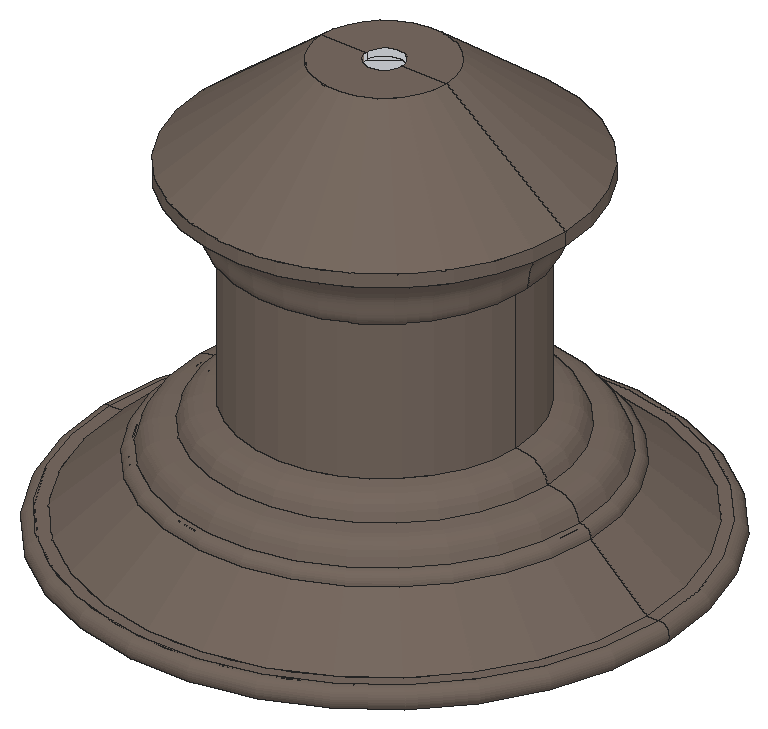
Revit family "MCA8 SHADE", category Lighting Fixtures, Revit 2024
Family settings
  Round Connector Dimension = Use Diameter
  Part Type = Normal
  OmniClass Number = 23.80.70.00
  OmniClass Title = Lighting
  Work Plane-Based = No
  Always vertical = Yes
  Cut with Voids When Loaded = No
  Light Source = Yes
  Maintain Annotation Orientation = No
  Shared = No
  Room Calculation Point = No
Parameters
  Wattage = 12.1178 W
  built-in parameter 1150110 = 1 (stored number, unit not read)
  built-in parameter 1114217 = 1 (stored number, unit not read)
  built-in parameter 1150109 = 1 (stored number, unit not read)
  built-in parameter 1150134 = (empty or 0)
  built-in parameter 1150113 = 1 (stored number, unit not read)
  Lumens = 1800 lm
  built-in parameter 1150115 = 1 (stored number, unit not read)
  built-in parameter 1150105 = 572.96 (stored number, unit not read)
  Light Source Symbol Size = 2' - 0"
  built-in parameter 1150137 = (empty or 0)
  built-in parameter 1150139 = (empty or 0)
  built-in parameter 1150112 = 1 (stored number, unit not read)
  built-in parameter 1150114 = 1 (stored number, unit not read)
  built-in parameter 1150132 = 2
  built-in parameter 1150102 = (empty or 0)
  built-in parameter 1150138 = (empty or 0)
  built-in parameter 1150107 = 3000 (stored number, unit not read)
  built-in parameter 1150106 = 5.7296 (stored number, unit not read)
  built-in parameter 1150104 = 13.8 (stored number, unit not read)
  Dimming Lamp Color Temperature Shift = (empty or 0)
  Default Elevation = 0' - 0"
  Color Filter = 16777215
  built-in parameter 1114218 = 1 (stored number, unit not read)
  built-in parameter 1150133 = 10 (stored number, unit not read)
Reference planes (in)
  plane 1 "Light Source Axis (F/B)": y = 0
  plane 2: z = 0
  plane 3 "Light Source Axis (L/R)": x = 0
  plane 4 "Light Source Elevation": z = 84
Forms (in)
  Revolve 1, solid
    sketch origin (0, 0, 0) x (1, 0, 0) y (0, 0, 1)
      loop
        line (-0.25, 90) -> (-0.87711, 90) -> (-2.55161, 88.7242) -> (-2.55161, 88.55042)
        spline (-2.55161, 88.55042) -> (-2.37344, 88.44351) -> (-2.28718, 88.38662) -> (-2.23353, 88.34177) -> (-2.18766, 88.29451) -> (-2.14489, 88.24372) -> (-2.10576, 88.18928) -> (-2.07534, 88.13584) -> (-2.05596, 88.08311) -> (-2.0427, 88.01813) -> (-2.03209, 87.93809) -> (-2.00561, 87.83318) -> (-1.84993, 87.73545)
        line (-1.84993, 87.73545) -> (-1.84993, 85.75884)
        spline (-1.84993, 85.75884) -> (-1.92927, 85.74637) -> (-1.99405, 85.73333) -> (-2.04654, 85.7195) -> (-2.089, 85.70463) -> (-2.12369, 85.68848) -> (-2.15288, 85.67082) -> (-2.17875, 85.65125) -> (-2.20258, 85.62799) -> (-2.22519, 85.59846) -> (-2.24739, 85.56011) -> (-2.26998, 85.51034) -> (-2.29376, 85.44658)
        spline (-2.29376, 85.44658) -> (-2.33366, 85.44435) -> (-2.38687, 85.43822) -> (-2.44454, 85.42901) -> (-2.4979, 85.41757) -> (-2.54205, 85.40423) -> (-2.57839, 85.38857) -> (-2.60892, 85.37011) -> (-2.63563, 85.34833) -> (-2.66057, 85.32165) -> (-2.68622, 85.28308) -> (-2.71513, 85.22394) -> (-2.7499, 85.13554)
        arc (-2.7499, 85.13554) -> (-2.85577, 85.09169) -> (-2.89962, 84.98582) r 0.14972
        line (-2.89962, 84.98582) -> (-3.69406, 84.28648) -> (-3.85676, 84.28648)
        arc (-3.85676, 84.28648) -> (-3.95762, 84.04153) -> (-3.71352, 84.14445) r 0.14324
        line (-3.71352, 84.14445) -> (-2.79206, 84.94901)
        arc (-2.79206, 84.94901) -> (-2.77725, 85.03466) -> (-2.69648, 85.00253) r 0.05597
        spline (-2.69648, 85.00253) -> (-2.65361, 85.12562) -> (-2.62104, 85.20464) -> (-2.59754, 85.24873) -> (-2.58089, 85.27064) -> (-2.56316, 85.28719) -> (-2.5442, 85.30043) -> (-2.52011, 85.31225) -> (-2.48598, 85.32373) -> (-2.43843, 85.33475) -> (-2.38162, 85.34427) -> (-2.32832, 85.3507) -> (-2.29376, 85.35283)
        line (-2.29376, 85.35283) -> (-2.20512, 85.41606)
        spline (-2.20512, 85.41606) -> (-2.1832, 85.47481) -> (-2.16387, 85.51751) -> (-2.14711, 85.54658) -> (-2.13252, 85.56569) -> (-2.11805, 85.5798) -> (-2.10015, 85.5933) -> (-2.07951, 85.60579) -> (-2.05381, 85.61773) -> (-2.01923, 85.6298) -> (-1.97304, 85.64197) -> (-1.91291, 85.65405) -> (-1.83689, 85.66601)
        line (-1.83689, 85.66601) -> (-1.75618, 85.67631) -> (-1.75618, 87.73545) -> (-1.84993, 87.8292)
        spline (-1.84993, 87.8292) -> (-1.92132, 87.87501) -> (-1.93736, 87.95061) -> (-1.94573, 88.02951) -> (-1.95858, 88.10177) -> (-1.98043, 88.16637) -> (-2.01366, 88.2288) -> (-2.05381, 88.28787) -> (-2.09716, 88.34221) -> (-2.14446, 88.39355) -> (-2.20221, 88.4445) -> (-2.28919, 88.50535) -> (-2.45786, 88.61272)
        line (-2.45786, 88.61272) -> (-2.45786, 88.67776) -> (-0.84547, 89.90625) -> (-0.25, 89.90625) -> (-0.25, 90)
      axis (0, 90) -> (0, 84.14445)
    angle from 0 to 360
  Revolve 2, solid, not visible
    sketch origin (0, 0, 0) x (1, 0, 0) y (0, 0, 1)
      loop
        line (-2.99192, 88.09279) -> (-2.89556, 88.09279) -> (-2.89556, 88.38477) -> (-2.99192, 88.38477) -> (-2.99192, 88.09279)
      axis (-2.89556, 88.09279) -> (-2.99192, 88.09279)
    angle from 0 to 360
  Sweep 3, solid, not visible
    path origin (0, 0, 0) x (1, 0, 0) y (0, 0, 1)
      loop
        arc (-2.97158, 88.08519) -> (-3.96217, 87.55604) -> (-4.35786, 86.505) r 1.59375
        line (-4.35786, 86.505) -> (-4.35786, 85.3018)
    profile origin (-3.96217, 0, 87.55604) x (0.751723, 0, -0.659479) y (0, -1, 0)
      loop
        circle (0, 0) r 0.15625
  Revolve 4, solid, not visible
    sketch origin (0, 0, 0) x (1, 0, 0) y (0, 0, 1)
      loop
        line (-4.84702, 85.01395) -> (-4.61007, 85.21882) -> (-4.67548, 85.29447) -> (-5.07238, 85.7535)
        arc (-5.07238, 85.7535) -> (-5.11657, 85.32649) -> (-4.68956, 85.2823) r 0.30356
        line (-4.68956, 85.2823) -> (-4.91791, 85.08485) -> (-4.84702, 85.01395)
      axis (-4.61007, 85.21882) -> (-5.07238, 85.7535)
    angle from 0 to 360
Dimensions and locks (in)
  aligned and locked: plane 3 "Light Source Axis (L/R)" to imposter light
  aligned and locked: plane 1 "Light Source Axis (F/B)" to imposter light
  aligned and locked: plane 4 "Light Source Elevation" to imposter light
  aligned and locked: level to plane 2
